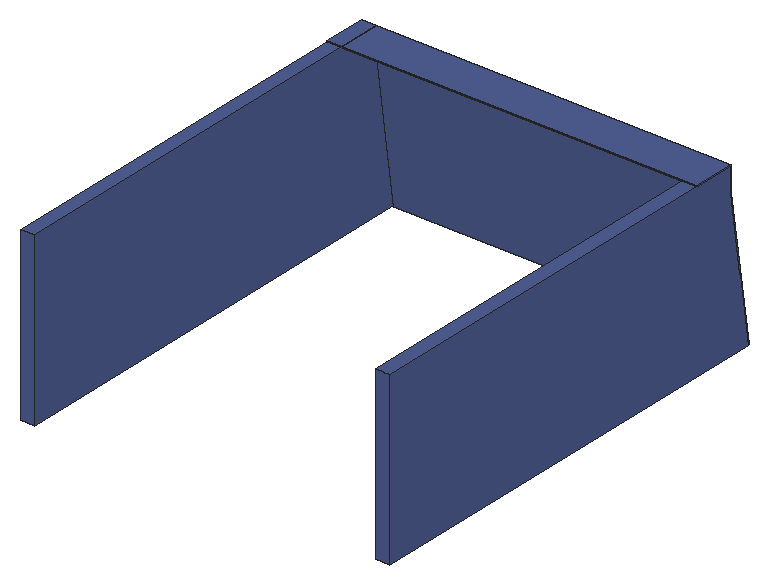
Revit family "DockEquipment_RainShelter_SuperSeal_0601", category Generic Models, Revit 2011
Parameters
  offset [instance] = 0' - 10 3/4"
  Warranty Duration (Years) = 0
  Unit Width [instance] = Clear Width + (Bumper Width * 2)  # 8' - 8"
  Unit Height [instance] = Clear Height + Slope Rise + 1' 0"  # 10' - 6"
  Unit Depth = 4' - 0"
  URL = "http://www.supersealmfg.com/"
  Specification = ""
  SpecWizard = ""
  Slope Rise = 0' - 6"
  Send Message = "http://www.arcat.com/users.pl?action=UserEmail&company=Super-Seal%20Mfg.%20Ltd&coid=44693&rep=119&fax=905-850-4440 &mf="
  Sales Information = "http://www.supersealmfg.com/ContactUs.htm"
  Revision = "R1_07-2011"
  Product Properties = ""
  Product Data = "http://arcat.com/arcatcos/cos44/arc44693.html?isac=1&r=1"
  Bumper Width = 0' - 4"
  Model = "As Specified"
  Material = Plastic - Vinyl - Super Seal - Blue
  Manufacturer Website = "http://www.supersealmfg.com/"
  Manufacturer Phone - Toll Free = "800-337-3239 "
  Manufacturer Phone = "800-337-3239 "
  Manufacturer Fax = "905-850-4440 "
  Manufacturer Address = "670 Rowntree Dairy Rd. Woodbridge , ON, Canada L4L-5T8"
  Manufacturer = "Super-Seal Mfg. Ltd"
  Maintenance Schedule (Months) = 0
  Keynote = ""
  Installation-Fabrication = ""
  Installation Phase = ""
  Green Building-LEED = ""
  Expected Lifespan (Years) = 0
  Drawn By = "Sumex Design, Inc. / Robert S. Weygant, CSI, CDT, SCIP"
  Description = "Super Seal"
  Default Elevation = 4' - 0"
  Copyright = "©Arcat Inc."
  Construction Details = "http://arcat.com/details/supersea/supersea.html?coid=44693"
  Clear Width [instance] = 8' - 0"
  Clear Height [instance] = 9' - 0"
  Base Offset [instance] = if([4 Sided], 0' 4", 0' 0")  # 0' - 0"
  Assembly Code = ""
  4 Sided [instance] = no
Reference planes (in)
  plane 1 "Center (Front/Back)": y = 0
  plane 2 "Bottom": z = 0
  plane 3 "Center (Left/Right)": x = 0
  plane 4 "Front": y = -54
  plane 5 "Left": x = -52
  plane 6 "Right": x = 52
  plane 7 "Top": z = 48
  plane 8: x = -48
  plane 9: x = 48
  plane 10: y = 54
  plane 11: x = -50
  plane 12: x = 50
  plane 13: y = 66
  plane 14: y = 72
  plane 15: z = 41
Forms (in)
  Extrusion 1, solid, material "Plastic - Vinyl - Super Seal - Blue" <- "Material"
    sketch origin (-52, 16.34522, 48) x (0, 1, 0) y (0, 0, 1)
      loop
        line (49.65478, 0) -> (-70.34522, 0) -> (-70.34522, -48) -> (55.65478, -48) -> (49.65478, -7) -> (49.65478, 0)
    from 0 to 4
  Extrusion 2, solid, material "Plastic - Vinyl - Super Seal - Blue" <- "Material"
    sketch origin (52, 16.34522, 48) x (0, 1, 0) y (0, 0, 1)
      loop
        line (49.65478, 0) -> (-70.34522, 0) -> (-70.34522, -48) -> (55.65478, -48) -> (49.65478, -7) -> (49.65478, 0)
    from 0 to -4
  Sweep 3, solid, material "Plastic - Vinyl - Super Seal - Blue" <- "Material"
    path origin (0, 0, 0) x (0, 1, 0) y (0, 0, 1)
      loop
        line (72, 0) -> (66, 41) -> (66, 48) -> (54, 48)
    profile origin (0, 69, 20.5) x (0, -0.989461, -0.144799) y (1, 0, 0)
      loop
        line (0, -52) -> (0, 52) -> (-0.125, 52) -> (-0.125, -52) -> (0, -52)
  Extrusion 4, solid, material "Plastic - Vinyl - Super Seal - Blue" <- "Material", visible <- "4 Sided"
    sketch origin (0, 0, 0) x (1, 0, 0) y (0, 1, 0)
      loop
        line (-48, -54) -> (-48, -58) -> (48, -58) -> (48, -54) -> (-48, -54)
    from 0 to 48
Dimensions and locks (in)
  equal spacing: plane 5 "Left", plane 3 "Center (Left/Right)", plane 6 "Right"
  "Unit Width": plane 5 "Left" to plane 6 "Right"
  equal spacing: plane 10, plane 1 "Center (Front/Back)", plane 4 "Front"
  "Unit Depth": plane 7 "Top" to level
  equal spacing: plane 8, plane 3 "Center (Left/Right)", plane 9
  "Clear Width": plane 8 to plane 9
  "Clear Height": plane 10 to plane 4 "Front"
  "Unit Height": plane 14 to plane 4 "Front"
  equal spacing: plane 9, plane 12, plane 6 "Right"
  equal spacing: plane 5 "Left", plane 11, plane 8
  "Slope Rise": plane 14 to plane 13
  locked: plane 7 "Top" to plane 15 at 7
  "Base Offset": plane 4 "Front" to Extrusion 1 sketch curve
  "Base Offset": plane 4 "Front" to Extrusion 2 sketch curve
  aligned and locked: plane 8 to Extrusion 1
  aligned and locked: Extrusion 2 to plane 9
  aligned and locked: plane 5 "Left" to Sweep 3 sketch curve
  aligned and locked: Sweep 3 sketch curve to plane 6 "Right"
  aligned and locked: plane 7 "Top" to Extrusion 4
Automatic sketch dimensions
  Sweep 3 sketch curve to plane 7 "Top" = 0' - 0"
  Sweep 3 sketch curve to plane 10 = 0' - 0"
  Sweep 3 sketch curve to plane 13 = 0' - 0"
  Sweep 3 sketch curve to level = 0' - 0"
  Sweep 3 sketch curve to plane 14 = 0' - 0"
  Sweep 3 sketch curve to plane 15 = 0' - 0"
  Sweep 3 sketch curve to profile plane = 0' - 0"
  Sweep 3 sketch curve to Sweep 3 sketch curve = 0' - 0 1/8"
  Extrusion 1 sketch curve to level = 0' - 0"
  Extrusion 1 sketch curve to plane 7 "Top" = 0' - 0"
  Extrusion 1 sketch curve to plane 13 = 0' - 0"
  Extrusion 1 sketch curve to plane 14 = 0' - 0"
  Extrusion 1 sketch curve to plane 15 = 0' - 0"
  Extrusion 2 sketch curve to level = 0' - 0"
  Extrusion 2 sketch curve to plane 7 "Top" = 0' - 0"
  Extrusion 2 sketch curve to plane 13 = 0' - 0"
  Extrusion 2 sketch curve to plane 14 = 0' - 0"
  Extrusion 2 sketch curve to plane 15 = 0' - 0"
  Extrusion 4 sketch curve to plane 8 = 0' - 0"
  Extrusion 4 sketch curve to plane 9 = 0' - 0"
  Extrusion 4 sketch curve to plane 4 "Front" = 0' - 0"
  Extrusion 4 sketch curve to plane 4 "Front" = 0' - 4"
